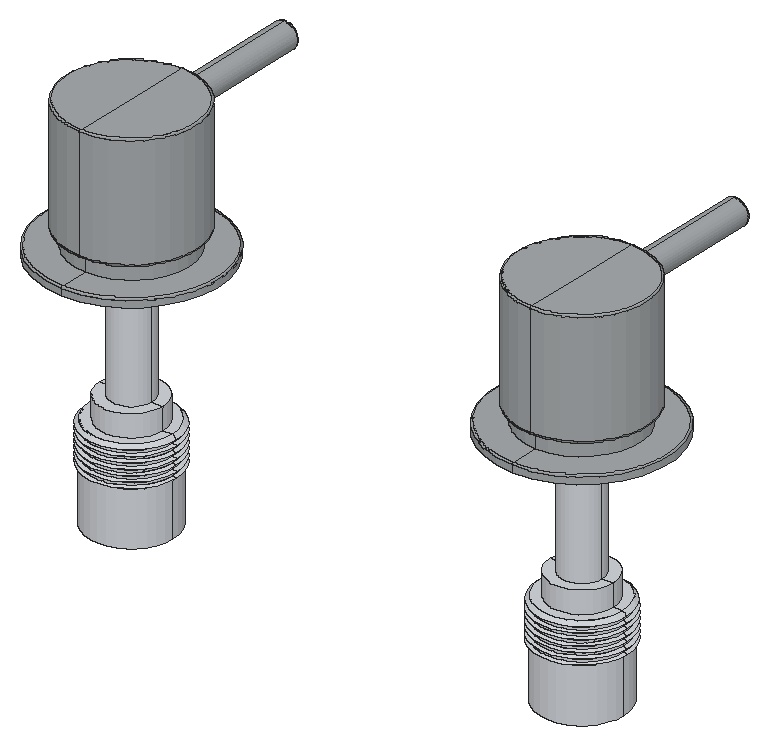
Revit family "Reece_Tap_Sussex_Scala_Wall Top Assembly", category Plumbing Fixtures, host Face, Revit 2018
Family settings
  Host = Face
  Round Connector Dimension = Use Diameter
  Part Type = Normal
  Cut with Voids When Loaded = No
  Shared = Yes
  Room Calculation Point = Yes
Parameters (values of type "Brushed Stainless Steel")
  WFU = 0  # constant formula
  URL = "https://www.reece.com.au/product/-2263003"
  Type Comments = "Tap"
  Reece_Tap_Spindle_Height = 75 mm
  Reece_Tap_Projection = 43 mm  # constant formula
  Reece_Tap_Inlet = 12.5 mm  # constant formula
  Reece_Tap_Handle_Height = 43 mm  # constant formula
  Reece_Tap_Handle Spacing [instance] = if(Reece_Tap_Axis Distance < 50 mm, 50 mm, if(Reece_Tap_Axis Distance > 70 mm, Reece_Tap_Axis Distance, Reece_Tap_Axis Distance))  # 70 mm
  Reece_Tap_Axis Distance [instance] = 70 mm
  Reece_Product_Web Page = "https://www.reece.com.au/product/-2263003"
  Reece_Product_Type = "Tap"  # constant formula
  Reece_Product_Sub Brand = "Scala"  # constant formula
  Reece_Product_Number = "2263003"
  Reece_Product_Mount = "Wall Mounted"
  Reece_Product_Description = "Sussex Scala Wall Top Assembly 316 Stainless Steel"
  Reece_Product_Brand = "Sussex"  # constant formula
  Reece_Material_Main = Reece_Metal_Brushed Stainless Steel
  Reece_Detail_Type = "Wall Top Assembly"  # constant formula
  Reece_Detail_Installation = ""
  Reece_Detail_Disclaimer = "THIS FILE IS THE PROPERTY OF THE REECE GROUP. IT MAY NOT BE REPRODUCED, REVERSE-ENGINEERED OR MODIFIED. ANY REPUBLICATION, TRANSMISSION OR DISTRIBUTION FOR THE PURPOSE OF COMMERCIALLY EXPLOITING THE FILES IS PROHIBITED."  # constant formula
  Reece_Detail_Connector = ""
  Reece_Backplate_Thickness = 2.5 mm  # constant formula
  Model = "Scala"
  Manufacturer = "Sussex"
  Keynote = "Product #2263003, Reece_Tap_Sussex_Scala_Wall Top Assembly - Brushed Stainless Steel"
  HWFU = 0  # constant formula
  Disclaimer = "THIS FILE IS THE PROPERTY OF THE REECE GROUP. IT MAY NOT BE REPRODUCED, REVERSE-ENGINEERED OR MODIFIED. ANY REPUBLICATION, TRANSMISSION OR DISTRIBUTION FOR THE PURPOSE OF COMMERCIALLY EXPLOITING THE FILES IS PROHIBITED."  # constant formula
  Description = "Scala Wall Top Assembly 316 Stainless Steel"
  Default Elevation = 1000 mm
  CWFU = 0  # constant formula
Types (12, lengths in mm): name | URL | Reece_Tap_Spindle_Height | Reece_Tap_Handle Spacing | Reece_Tap_Axis Distance | Reece_Product_Web Page | Reece_Product_Number | Reece_Product_Description | Reece_Material_Main | Keynote | Description
  Brushed Stainless Steel | "https://www.reece.com.au/product/-2263003" | 75 | 70 | 70 | "https://www.reece.com.au/product/-2263003" | "2263003" | "Sussex Scala Wall Top Assembly 316 Stainless Steel" | Reece_Metal_Brushed Stainless Steel | "Product #2263003, Reece_Tap_Sussex_Scala_Wall Top Assembly - Brushed Stainless Steel" | "Scala Wall Top Assembly 316 Stainless Steel"
  Brushed Brass Gold | "https://www.reece.com.au/product/-2264690" | 75 | 50 | 50 | "https://www.reece.com.au/product/-2264690" | "2264690" | "Sussex Scala Wall Top Assembly Brushed Brass Gold" | Reece_Brass_Brushed Gold | "Product #2264690, Reece_Tap_Sussex_Scala_Wall Top Assembly - Brushed Brass Gold" | "Scala Wall Top Assembly Brushed Brass Gold"
  Brushed Gunmetal | "https://www.reece.com.au/product/-2263174" | 75 | 50 | 50 | "https://www.reece.com.au/product/-2263174" | "2263174" | "Sussex Scala Wall Top Assembly Brushed Gunmetal" | Reece_Brass_Brushed Gunmetal | "Product #2263174, Reece_Tap_Sussex_Scala_Wall Top Assembly - Brushed Gunmetal" | "Scala Wall Top Assembly Brushed Gunmetal"
  Brushed Nickel | "https://www.reece.com.au/product/-2263746" | 75 | 50 | 50 | "https://www.reece.com.au/product/-2263746" | "2263746" | "Sussex Scala Wall Top Assembly Brushed Nickel" | Reece_Brass_Brushed Nickel | "Product #2263746, Reece_Tap_Sussex_Scala_Wall Top Assembly - Brushed Nickel" | "Scala Wall Top Assembly Brushed Nickel"
  Chrome | "https://www.reece.com.au/product/-2261428" | 75 | 50 | 50 | "https://www.reece.com.au/product/-2261428" | "2261428" | "Sussex Scala Wall Top Assembly Chrome" | Reece_Brass_Chrome | "Product #2261428, Reece_Tap_Sussex_Scala_Wall Top Assembly - Chrome" | "Scala Wall Top Assembly Chrome"
  Living Rustic Bronze | "https://www.reece.com.au/product/-2299565" | 75 | 50 | 50 | "https://www.reece.com.au/product/-2299565" | "2299565" | "Sussex Scala Wall Top Assembly Living Rustic Bronze" | Reece_Metal_Bronze_Living Rustic | "Product #2299565, Reece_Tap_Sussex_Scala_Wall Top Assembly - Living Rustic Bronze" | "Scala Wall Top Assembly Living Rustic Bronze"
  Living Tumbled Brass | "https://www.reece.com.au/product/-2263177" | 75 | 50 | 50 | "https://www.reece.com.au/product/-2263177" | "2263177" | "Sussex Scala Wall Top Assembly Living Tumbled Brass" | Reece_Brass_Living Tumbled | "Product #2263177, Reece_Tap_Sussex_Scala_Wall Top Assembly - Living Tumbled Brass" | "Scala Wall Top Assembly Living Tumbled Brass"
  PVD Brushed Platinum Gold | "https://www.reece.com.au/product/-2268304" | 75 | 50 | 50 | "https://www.reece.com.au/product/-2268304" | "2268304" | "Sussex Scala Wall Top Assembly LUX PVD Brushed Platinum Gold" | Reece_PVD_Brushed_Platinum Gold | "Product #2268304, Reece_Tap_Sussex_Scala_Wall Top Assembly - PVD Brushed Platinum Gold" | "Scala Wall Top Assembly LUX PVD Brushed Platinum Gold"
  Matte Black | "https://www.reece.com.au/product/-2263175" | 75 | 50 | 50 | "https://www.reece.com.au/product/-2263175" | "2263175" | "Sussex Scala Wall Top Assembly Matte Black" | Reece_Brass_Matte Black | "Product #2263175, Reece_Tap_Sussex_Scala_Wall Top Assembly - Matte Black" | "Scala Wall Top Assembly Matte Black"
  Matte White | "https://www.reece.com.au/product/-2263938" | 75 | 50 | 50 | "https://www.reece.com.au/product/-2263938" | "2263938" | "Sussex Scala Wall Top Assembly Matte White" | Reece_Brass_Matte White | "Product #2263938, Reece_Tap_Sussex_Scala_Wall Top Assembly - Matte White" | "Scala Wall Top Assembly Matte White"
  Satin Chrome | "https://www.reece.com.au/product/-2261473" | 75 | 50 | 50 | "https://www.reece.com.au/product/-2261473" | "2261473" | "Sussex Scala Wall Top Assembly Satin Chrome" | Reece_Brass_Satin Chrome | "Product #2261473, Reece_Tap_Sussex_Scala_Wall Top Assembly - Satin Chrome" | "Scala Wall Top Assembly Satin Chrome"
  87 mm Spindles_Chrome | "https://www.reece.com.au/product/-2261717" | 87 | 50 | 50 | "https://www.reece.com.au/product/-2261717" | "2261717" | "Sussex Scala Wall Top Assembly with 87mm Spindles Chrome" | Reece_Brass_Chrome | "Product #2261717, Reece_Tap_Sussex_Scala_Wall Top Assembly - 87 mm Spindles_Chrome" | "Scala Wall Top Assembly with 87mm Spindles Chrome"
Reference planes
  plane 1 "Center (Front/Back)": y = 0
  plane 2 "Bottom": z = 0
  plane 3 "Center (Left/Right)": x = 0
  plane 4 "Top": z = 43
  plane 5: x = -70
  plane 6: x = 70
  plane 7: y = 27
  plane 8: y = -27
  plane 9: y = -20
  plane 10: y = 20
  plane 11: z = -75
Forms (mm)
  Extrusion 1, void
    sketch origin (0, 0, 0) x (1, 0, 0) y (0, 1, 0)
      loop
        circle (-70, 0) r 20
      loop
        circle (70, 0) r 20
    from 0 to -30.325
  Revolve 2, solid
    sketch origin (18.901, 0, -1294.2) x (1, 0, 0) y (0, 0, 1)
      loop
        line (-88.901, 1294.2) -> (-95.201, 1294.2) -> (-95.201, 1255.023) -> (-98.681, 1255.023) -> (-98.681, 1248.326) -> (-101.666, 1248.326) -> (-102.775, 1247.217) -> (-101.898, 1246.711) -> (-101.898, 1245.911) -> (-102.866, 1245.5) -> (-101.898, 1244.941) -> (-101.898, 1244.141) -> (-102.859, 1243.672) -> (-101.898, 1243.118) -> (-101.898, 1242.318) -> (-102.87, 1241.843) -> (-101.898, 1241.282) -> (-101.898, 1240.482) -> (-102.859, 1240.113) -> (-101.898, 1239.558) -> (-101.898, 1238.758) -> (-102.87, 1238.284) -> (-101.898, 1237.723) -> (-101.898, 1236.923) -> (-102.874, 1236.548) -> (-101.898, 1235.984) -> (-101.898, 1219.2) -> (-88.901, 1219.2) -> (-88.901, 1294.2)
      axis (-88.901, 1219.2) -> (-88.901, 1294.2)
    angle from 0 to 360
  Revolve 3, solid
    sketch origin (218.901, 0, -1294.2) x (1, 0, 0) y (0, 0, 1)
      loop
        line (-148.901, 1294.2) -> (-155.201, 1294.2) -> (-155.201, 1255.023) -> (-158.681, 1255.023) -> (-158.681, 1248.326) -> (-161.666, 1248.326) -> (-162.775, 1247.217) -> (-161.898, 1246.711) -> (-161.898, 1245.911) -> (-162.866, 1245.5) -> (-161.898, 1244.941) -> (-161.898, 1244.141) -> (-162.859, 1243.672) -> (-161.898, 1243.118) -> (-161.898, 1242.318) -> (-162.87, 1241.843) -> (-161.898, 1241.282) -> (-161.898, 1240.482) -> (-162.859, 1240.113) -> (-161.898, 1239.558) -> (-161.898, 1238.758) -> (-162.87, 1238.284) -> (-161.898, 1237.723) -> (-161.898, 1236.923) -> (-162.874, 1236.548) -> (-161.898, 1235.984) -> (-161.898, 1219.2) -> (-148.901, 1219.2) -> (-148.901, 1294.2)
      axis (-148.901, 1219.2) -> (-148.901, 1294.2)
    angle from 0 to 360
Text (mm)
  text "Reece Copyright © 2018, Reece Ltd." at (-179.309, -196.603, 0), in view "Ref. Level"
  text "Reece ©" at (44.384, 258.95, 192.345), in view "Reece Preview"
Dimensions and locks
  locked: plane 7 to plane 8 at 54
  "Reece_Tap_Projection": plane 4 "Top" to plane 2 "Bottom"
  locked: plane 9 to plane 8 at 7
  plane 8 to plane 7 = 54 mm
  equal spacing: plane 5, plane 3 "Center (Left/Right)", plane 6
  nested 1 to nested 1 = 40 mm
  "Reece_Tap_Handle Spacing": plane 5 to plane 3 "Center (Left/Right)" to plane 6  (x2)
  plane 2 "Bottom" to plane 4 "Top" = 43 mm
  "Reece_Tap_Spindle_Height": plane 2 "Bottom" to plane 11
  aligned and locked: plane 2 "Bottom" to host face
  aligned and locked: level to host face
  aligned and locked: plane 1 "Center (Front/Back)" to nested 1
  aligned and locked: plane 9 to nested 1
  aligned and locked: plane 6 to nested 2
  aligned and locked: plane 5 to nested 1
Automatic sketch dimensions
  host sketch curve to host sketch curve = 380.785 mm
  host sketch curve to host sketch curve = 317.421 mm
  plane 1 "Center (Front/Back)" to Extrusion 1 sketch curve = 0 mm  (x2)
  Extrusion 1 sketch curve to plane 5 = 0 mm
  Extrusion 1 sketch curve to plane 6 = 0 mm
  plane 5 to Revolve 2 sketch curve = 0 mm  (x2)
  Revolve 2 sketch curve to level = 0 mm
  plane 5 to Revolve 2 sketch curve = 6.3 mm
  Revolve 2 sketch curve to Revolve 2 sketch curve = 3.48 mm
  Revolve 2 sketch curve to Revolve 2 sketch curve = 2.986 mm
  Revolve 2 sketch curve to Revolve 2 sketch curve = 0.231 mm  (x2)
  Revolve 2 sketch curve to Revolve 2 sketch curve = 0 mm  (x5)
  Revolve 2 sketch curve to Revolve 2 sketch curve = 0.878 mm
  Revolve 2 sketch curve to Revolve 2 sketch curve = 0.961 mm  (x2)
  Revolve 2 sketch curve to Revolve 2 sketch curve = 0.968 mm
  Revolve 2 sketch curve to Revolve 2 sketch curve = 0.972 mm  (x2)
  Revolve 2 sketch curve to Revolve 2 sketch curve = 0.977 mm
  plane 11 to Revolve 2 sketch curve = 35.823 mm
  Revolve 2 sketch curve to Revolve 2 sketch curve = 6.697 mm
  Revolve 2 sketch curve to Revolve 2 sketch curve = 1.109 mm
  Revolve 2 sketch curve to Revolve 2 sketch curve = 0.507 mm
  Revolve 2 sketch curve to Revolve 2 sketch curve = 0.8 mm  (x6)
  Revolve 2 sketch curve to Revolve 2 sketch curve = 0.411 mm
  Revolve 2 sketch curve to Revolve 2 sketch curve = 0.97 mm
  Revolve 2 sketch curve to Revolve 2 sketch curve = 0.469 mm
  Revolve 2 sketch curve to Revolve 2 sketch curve = 1.023 mm
  Revolve 2 sketch curve to Revolve 2 sketch curve = 0.474 mm  (x2)
  Revolve 2 sketch curve to Revolve 2 sketch curve = 1.036 mm  (x2)
  Revolve 2 sketch curve to Revolve 2 sketch curve = 0.369 mm
  Revolve 2 sketch curve to Revolve 2 sketch curve = 0.924 mm
  Revolve 2 sketch curve to Revolve 2 sketch curve = 0.375 mm
  Revolve 2 sketch curve to Revolve 2 sketch curve = 0.939 mm
  Revolve 2 sketch curve to plane 11 = 0 mm
  Revolve 2 sketch curve to Revolve 2 sketch curve = 1.693 mm
  Revolve 2 sketch curve to Revolve 2 sketch curve = 8.93 mm
  plane 6 to Revolve 3 sketch curve = 0 mm  (x2)
  Revolve 3 sketch curve to level = 0 mm
  Revolve 3 sketch curve to plane 6 = 6.3 mm
  Revolve 3 sketch curve to Revolve 3 sketch curve = 3.48 mm
  Revolve 3 sketch curve to Revolve 3 sketch curve = 2.986 mm
  Revolve 3 sketch curve to Revolve 3 sketch curve = 0.231 mm  (x2)
  Revolve 3 sketch curve to Revolve 3 sketch curve = 0 mm  (x5)
  Revolve 3 sketch curve to Revolve 3 sketch curve = 0.878 mm
  Revolve 3 sketch curve to Revolve 3 sketch curve = 0.961 mm  (x2)
  Revolve 3 sketch curve to Revolve 3 sketch curve = 0.968 mm
  Revolve 3 sketch curve to Revolve 3 sketch curve = 0.972 mm  (x2)
  Revolve 3 sketch curve to Revolve 3 sketch curve = 0.977 mm
  plane 11 to Revolve 3 sketch curve = 35.823 mm
  Revolve 3 sketch curve to Revolve 3 sketch curve = 6.697 mm
  Revolve 3 sketch curve to Revolve 3 sketch curve = 1.109 mm
  Revolve 3 sketch curve to Revolve 3 sketch curve = 0.507 mm
  Revolve 3 sketch curve to Revolve 3 sketch curve = 0.8 mm  (x6)
  Revolve 3 sketch curve to Revolve 3 sketch curve = 0.411 mm
  Revolve 3 sketch curve to Revolve 3 sketch curve = 0.97 mm
  Revolve 3 sketch curve to Revolve 3 sketch curve = 0.469 mm
  Revolve 3 sketch curve to Revolve 3 sketch curve = 1.023 mm
  Revolve 3 sketch curve to Revolve 3 sketch curve = 0.474 mm  (x2)
  Revolve 3 sketch curve to Revolve 3 sketch curve = 1.036 mm  (x2)
  Revolve 3 sketch curve to Revolve 3 sketch curve = 0.369 mm
  Revolve 3 sketch curve to Revolve 3 sketch curve = 0.924 mm
  Revolve 3 sketch curve to Revolve 3 sketch curve = 0.375 mm
  Revolve 3 sketch curve to Revolve 3 sketch curve = 0.939 mm
  Revolve 3 sketch curve to plane 11 = 0 mm
  Revolve 3 sketch curve to Revolve 3 sketch curve = 1.693 mm
  Revolve 3 sketch curve to Revolve 3 sketch curve = 8.93 mm
  radius of Extrusion 1 sketch curve = 20 mm  (x2)
Nested families
  nested 1: "Reece_Tap_Sussex_Scala_Set_Mixer_Nested" at (-70, 0, 0), Reece_Backplate_Thickness <- "Reece_Backplate_Thickness", Reece_Tap_Handle_Height <- "Reece_Tap_Handle_Height", Reece_Material_Main <- "Reece_Material_Main", type "Reece_Tap_Sussex_Scala_Set_Mixer_Nested"
    with Reece_Tap_Handle_Height 43 mm, Reece_Material_Main Reece_Metal_Brushed Stainless Steel, Reece_Backplate_Thickness 2.5 mm
  nested 2: "Reece_Tap_Sussex_Scala_Set_Mixer_Nested" at (70, 0, 0) x (-1, 0, 0) z (0, 0, 1), Reece_Backplate_Thickness <- "Reece_Backplate_Thickness", Reece_Tap_Handle_Height <- "Reece_Tap_Handle_Height", Reece_Material_Main <- "Reece_Material_Main", type "Reece_Tap_Sussex_Scala_Set_Mixer_Nested"
    with Reece_Tap_Handle_Height 43 mm, Reece_Material_Main Reece_Metal_Brushed Stainless Steel, Reece_Backplate_Thickness 2.5 mm
Connectors
  piping at (-70, 0, -75), diameter 12.5, driven by "Reece_Tap_Inlet"
    settings: on Revolve 2, index 3, connector inside diameter 609.6 mm, connector length 0 mm, flow factor 0, pipe flow 0.0 L/s, pressure drop 0.0 Pa, fitting loss kfactor 0, connector angle 0.00°, fixture units 0, engagement length 0 mm, angle of deflection 0.00°, flow configuration 0, flow direction 1, fitting loss method 0, system type 29, joint type 0, gender type 0, connector reference index -1, connector utility 0, adjustable connector no, is connector primary yes, connector description ""
  piping at (70, 0, -75), diameter 12.5, driven by "Reece_Tap_Inlet"
    settings: on Revolve 3, index 4, connector inside diameter 609.6 mm, connector length 0 mm, flow factor 0, pipe flow 0.0 L/s, pressure drop 0.0 Pa, fitting loss kfactor 0, connector angle 0.00°, fixture units 0, engagement length 0 mm, angle of deflection 0.00°, flow configuration 0, flow direction 1, fitting loss method 0, system type 29, joint type 0, gender type 0, connector reference index -1, connector utility 0, adjustable connector no, is connector primary no, connector description ""
Definition of nested family "Reece_Tap_Sussex_Scala_Set_Mixer_Nested"
  Parameters (values of type "Reece_Tap_Sussex_Scala_Set_Mixer_Nested")
    Waste Connection = no
    WFU = 0
    Vent Connection = no
    URL = ""
    Type Comments = ""
    Reece_Tap_Handle_Height [instance] = 45 mm
    Reece_Material_Main [instance] = none
    Reece_Backplate_Thickness [instance] = 3 mm
    Model = ""
    Manufacturer = ""
    Keynote = ""
    HWFU = 0
    HW Connection = no
    Description = ""
    Default Elevation = 0 mm
    Cost = 0
    CWFU = 0
    CW Connection = no
    Assembly Code = ""
  Reference planes
    plane 1 "Center (Front/Back)": y = 0
    plane 2 "Bottom": z = 0
    plane 3 "Center (Left/Right)": x = 0
    plane 4: y = -27
    plane 5: y = 27
    plane 6: y = -20
    plane 7: y = 20
    plane 8: z = 36.5
    plane 9: x = -27
    plane 10: x = 27
    plane 11: y = 60
    plane 12: z = 45
    plane 13: z = 3
    plane 14: x = -20
    plane 15: x = 20
  Forms (mm)
    Extrusion 1, solid
      sketch origin (619.2, -619.2, 0) x (1, 0, 0) y (0, 1, 0)
        loop
          line (-809.2, 779.2) -> (-809.2, 461.779) -> (-428.415, 461.779) -> (-428.415, 779.2) -> (-809.2, 779.2)
      from 0 to -9.564
    Revolve 2, solid, material <- "Reece_Material_Main"
      sketch origin (0, 0, 0) x (0, 1, 0) y (0, 0, 1)
        loop
          line (0, 0) -> (0, 45) -> (-19.5, 45)
          arc (-19.5, 45) -> (-19.854, 44.854) -> (-20, 44.5) r 0.5
          line (-20, 44.5) -> (-20, 8.5)
          arc (-20, 8.5) -> (-19.854, 8.146) -> (-19.5, 8) r 0.5
          line (-19.5, 8) -> (-17.75, 8) -> (-17.75, 3) -> (-26.5, 3)
          arc (-26.5, 3) -> (-26.854, 2.854) -> (-27, 2.5) r 0.5
          line (-27, 2.5) -> (-27, 0) -> (0, 0)
        axis (0, 45) -> (0, 0)
      angle from 0 to 360
    Revolve 3, solid, material <- "Reece_Material_Main"
      sketch origin (0, 0, 0) x (0, -1, 0) y (0, 0, -1)
        loop
          line (0, -36.5) -> (-60, -36.5) -> (-60, -40)
          arc (-60, -40) -> (-59.854, -40.354) -> (-59.5, -40.5) r 0.5
          line (-59.5, -40.5) -> (0, -40.5) -> (0, -36.5)
        axis (0, -36.5) -> (-60, -36.5)
      angle from 0 to 360
  Cuts and joins
    joined: Revolve 2, Revolve 3
  Text (mm)
    text "Reece Copyright © 2018, Reece Ltd." at (-1403.988, -1192.393, 0), in view "Ref. Level"
    text "Reece ©" at (44.384, 258.95, 192.345), in view "Reece Preview"
  Dimensions and locks
    locked: plane 12 to plane 8 at 8.5
    "Reece_Backplate_Thickness": plane 13 to plane 2 "Bottom"
    "Reece_Tap_Handle_Height": plane 12 to plane 2 "Bottom"
    plane 11 to plane 6 = 80 mm
    plane 7 to plane 6 = 40 mm
    aligned and locked: plane 2 "Bottom" to Extrusion 1
    aligned and locked: level to Extrusion 1
    aligned and locked: Revolve 2 sketch curve to plane 12
    aligned and locked: plane 13 to Revolve 2 sketch curve
  Automatic sketch dimensions
    Extrusion 1 sketch curve to Extrusion 1 sketch curve = 380.785 mm
    Extrusion 1 sketch curve to Extrusion 1 sketch curve = 317.421 mm
    plane 8 to Revolve 3 sketch curve = 0 mm
    Revolve 3 sketch curve to plane 11 = 0 mm
    Revolve 3 sketch curve to plane 8 = 0 mm
    Revolve 3 sketch curve to plane 1 "Center (Front/Back)" = 0 mm
    plane 11 to Revolve 3 sketch curve = 0.5 mm
    plane 8 to Revolve 3 sketch curve = 3.5 mm
    Revolve 3 sketch curve to plane 1 "Center (Front/Back)" = 5 mm
    Revolve 3 sketch curve to Revolve 3 sketch curve = 5 mm
    level to Revolve 2 sketch curve = 0 mm
    Revolve 2 sketch curve to plane 4 = 0 mm
    Revolve 2 sketch curve to plane 6 = 0 mm
    Revolve 2 sketch curve to plane 1 "Center (Front/Back)" = 0 mm  (x2)
    plane 4 to Revolve 2 sketch curve = 0.5 mm
    Revolve 2 sketch curve to Revolve 2 sketch curve = 0.5 mm  (x2)
    Revolve 2 sketch curve to Revolve 2 sketch curve = 1.75 mm
    Revolve 2 sketch curve to Revolve 2 sketch curve = 5 mm
    Revolve 2 sketch curve to level = 20 mm
    plane 13 to Revolve 2 sketch curve = 10 mm
